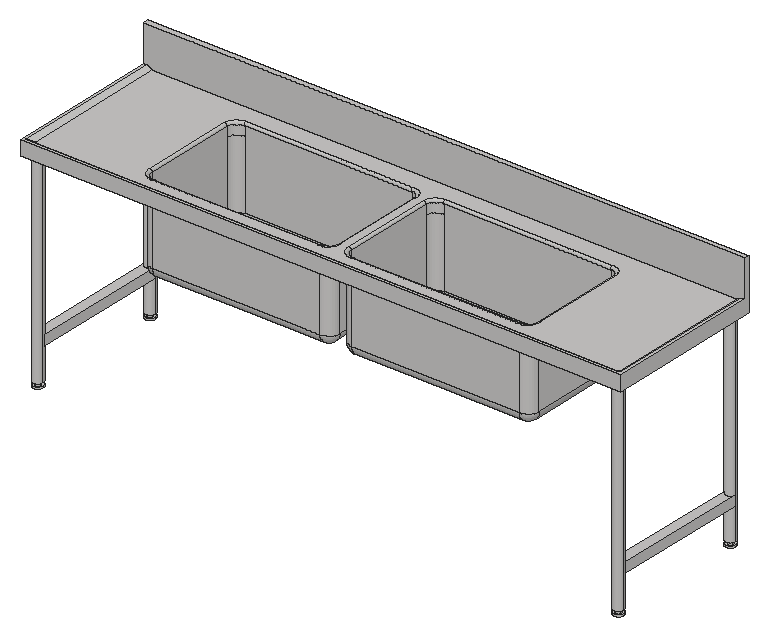
Revit family
Parameters (values of type "2440 X 650 Bowl Center")
  Depth of Bowl = 380 mm
  Width of Bowl = 460 mm
  Length of Bowl = 760 mm
  Distance of Bowl = 100 mm
  Waste Connection Radius = Waste Connection Diameter / 2  # 20 mm
  Waste Connection Diameter = 40 mm
  WFU = 0
  URL = "http://www.autospec.co.za/browse.php?id=1644179283"
  Product Code = "None"
  OmniClass Title = ""
  OmniClass Number = ""
  Modspec Classification = ""
  Specification = ""
  Location (revit room) = ""
  Material = Stainless Steel Grade 304
  Colour = none
  Bowl Posiition [instance] = if(Bowl Position End, Distance of Bowl, if(Bowl Position Center, (Length / 2 - Length of Bowl - 25 mm), Distance of Bowl))  # 435 mm
  Description = ""
  Bowl Position End = no
  Bowl Position Center = not(Bowl Position End)  # yes
  Body Finish = none
  Splashback Height = 150 mm
  Width = 650 mm
  Model = "Pot Sink Double Bowl Center Series KP2-2440 X 650"
  Manufacturer = "Kwikot"  # constant formula
  Length = 2440 mm
  Height = 1050 mm
  Assembly Code = "E1090300"
Reference planes
  plane 1 "Center (Front/Back)": y = 0
  plane 2 "Bottom": z = 0
  plane 3 "Center (Left/Right)": x = 0
  plane 4 "Left": x = -1220
  plane 5 "Right": x = 1220
  plane 6 "Front": y = -650
  plane 7 "Top": z = 1050
  plane 8: z = 900
  plane 9: z = 840
  plane 10: z = 520
  plane 11: y = -335
  plane 12: x = 145
  plane 13: x = -145
  plane 14: x = 25
  plane 15: x = -25
  plane 16: x = 785
  plane 17: x = -785
  plane 18: y = -565
  plane 19: y = -105
Forms (mm)
  Extrusion 1, solid, material "Stainless Steel Grade 304" <- "Material"
    sketch origin (-1220, -491, 4000) x (0, -1, 0) y (0, 0, 1)
      loop
        line (-491, -3160) -> (159, -3160) -> (159, -3100) -> (-471, -3100) -> (-471, -2950) -> (-491, -2950) -> (-491, -3160)
    from 0 to -2440
  Blend 2, void
    base sketch origin (-779.234, -1524, 900) x (0, -1, 0) y (1, 0, 0)
      loop
        arc (-891, -428.766) -> (-887.464, -427.302) -> (-886, -423.766) r 5
        line (-886, -423.766) -> (-886, 1982.234)
        arc (-886, 1982.234) -> (-887.464, 1985.769) -> (-891, 1987.234) r 5
        line (-891, 1987.234) -> (-1504, 1987.234) -> (-1504, -428.766) -> (-891, -428.766)
    top sketch origin (-779.234, -1524, 900) x (0, -1, 0) y (1, 0, 0)
      loop
        line (-1504, -408.766) -> (-911, -408.766)
        arc (-911, -408.766) -> (-907.464, -407.302) -> (-906, -403.766) r 5
        line (-906, -403.766) -> (-906, 1962.234)
        arc (-906, 1962.234) -> (-907.464, 1965.769) -> (-911, 1967.234) r 5
        line (-911, 1967.234) -> (-1504, 1967.234) -> (-1504, -408.766)
    from 0 to -12
  Extrusion 3, void
    sketch origin (-779.234, -1524, 840) x (0, -1, 0) y (-1, 0, 0)
      loop
        line (-1419, -844.234) -> (-1419, -1524.234)
        arc (-1419, -1524.234) -> (-1407.284, -1552.518) -> (-1379, -1564.234) r 40
        line (-1379, -1564.234) -> (-999, -1564.234)
        arc (-999, -1564.234) -> (-970.716, -1552.518) -> (-959, -1524.234) r 40
        line (-959, -1524.234) -> (-959, -844.234)
        arc (-959, -844.234) -> (-970.716, -815.949) -> (-999, -804.234) r 40
        line (-999, -804.234) -> (-1379, -804.234)
        arc (-1379, -804.234) -> (-1407.284, -815.949) -> (-1419, -844.234) r 40
      loop
        arc (-1419, -714.234) -> (-1407.284, -742.518) -> (-1379, -754.234) r 40
        line (-1379, -754.234) -> (-999, -754.234)
        arc (-999, -754.234) -> (-970.716, -742.518) -> (-959, -714.234) r 40
        line (-959, -714.234) -> (-959, -34.234)
        arc (-959, -34.234) -> (-970.716, -5.949) -> (-999, 5.766) r 40
        line (-999, 5.766) -> (-1379, 5.766)
        arc (-1379, 5.766) -> (-1407.284, -5.949) -> (-1419, -34.234) r 40
        line (-1419, -34.234) -> (-1419, -714.234)
    from 0 to -60
  Sweep 4, solid, material "Stainless Steel Grade 304" <- "Material"
    path origin (-779.234, -1524, 900) x (-1, 0, 0) y (0, -1, 0)
      loop
        line (-804.234, -1379) -> (-804.234, -999)
        arc (-804.234, -999) -> (-815.949, -970.716) -> (-844.234, -959) r 40
        line (-844.234, -959) -> (-1524.234, -959)
        arc (-1524.234, -959) -> (-1552.518, -970.716) -> (-1564.234, -999) r 40
        line (-1564.234, -999) -> (-1564.234, -1379)
        arc (-1564.234, -1379) -> (-1552.518, -1407.284) -> (-1524.234, -1419) r 40
        line (-1524.234, -1419) -> (-844.234, -1419)
        arc (-844.234, -1419) -> (-815.949, -1407.284) -> (-804.234, -1379) r 40
    profile origin (25, -335, 900) x (1, 0, 0) y (0, 0, 1)
      loop
        line (0, -12) -> (-5, -12) -> (-5, -340)
        arc (-5, -340) -> (6.716, -368.284) -> (35, -380) r 40
        line (35, -380) -> (35, -375)
        arc (35, -375) -> (10.251, -364.749) -> (0, -340) r 35
        line (0, -340) -> (0, -12)
  Sweep 5, solid, material "Stainless Steel Grade 304" <- "Material"
    path origin (-779.234, -1524, 900) x (-1, 0, 0) y (0, -1, 0)
      loop
        line (5.766, -1379) -> (5.766, -999)
        arc (5.766, -999) -> (-5.949, -970.716) -> (-34.234, -959) r 40
        line (-34.234, -959) -> (-714.234, -959)
        arc (-714.234, -959) -> (-742.518, -970.716) -> (-754.234, -999) r 40
        line (-754.234, -999) -> (-754.234, -1379)
        arc (-754.234, -1379) -> (-742.518, -1407.284) -> (-714.234, -1419) r 40
        line (-714.234, -1419) -> (-34.234, -1419)
        arc (-34.234, -1419) -> (-5.949, -1407.284) -> (5.766, -1379) r 40
    profile origin (-785, -335, 900) x (1, 0, 0) y (0, 0, 1)
      loop
        line (0, -12) -> (-5, -12) -> (-5, -340)
        arc (-5, -340) -> (6.716, -368.284) -> (35, -380) r 40
        line (35, -380) -> (35, -375)
        arc (35, -375) -> (10.251, -364.749) -> (0, -340) r 35
        line (0, -340) -> (0, -12)
  Extrusion 6, solid, material "Stainless Steel Grade 304" <- "Material"
    sketch origin (-779.234, -1524, 520) x (-1, 0, 0) y (0, -1, 0)
      loop
        arc (-29.234, -999) -> (-30.698, -995.464) -> (-34.234, -994) r 5
        line (-34.234, -994) -> (-714.234, -994)
        arc (-714.234, -994) -> (-717.769, -995.464) -> (-719.234, -999) r 5
        line (-719.234, -999) -> (-719.234, -1379)
        arc (-719.234, -1379) -> (-717.769, -1382.536) -> (-714.234, -1384) r 5
        line (-714.234, -1384) -> (-34.234, -1384)
        arc (-34.234, -1384) -> (-30.698, -1382.536) -> (-29.234, -1379) r 5
        line (-29.234, -1379) -> (-29.234, -999)
      loop
        circle (-634.234, -1189) r 26
    from 0 to 5
  Extrusion 7, solid, material "Stainless Steel Grade 304" <- "Material"
    sketch origin (-779.234, -1524, 520) x (-1, 0, 0) y (0, -1, 0)
      loop
        arc (-839.234, -999) -> (-840.698, -995.464) -> (-844.234, -994) r 5
        line (-844.234, -994) -> (-1524.234, -994)
        arc (-1524.234, -994) -> (-1527.769, -995.464) -> (-1529.234, -999) r 5
        line (-1529.234, -999) -> (-1529.234, -1379)
        arc (-1529.234, -1379) -> (-1527.769, -1382.536) -> (-1524.234, -1384) r 5
        line (-1524.234, -1384) -> (-844.234, -1384)
        arc (-844.234, -1384) -> (-840.698, -1382.536) -> (-839.234, -1379) r 5
        line (-839.234, -1379) -> (-839.234, -999)
      loop
        circle (-924.234, -1189) r 26
    from 0 to 5
  Blend 8, solid, material "Stainless Steel Grade 304"
    base sketch origin (-779.234, -1524, 520) x (-1, 0, 0) y (0, -1, 0)
      loop
        circle (-634.234, -1189) r 26
    top sketch origin (-779.234, -1524, 520) x (-1, 0, 0) y (0, -1, 0)
      loop
        circle (-634.234, -1189) r 20
    from 0 to -5
  Blend 9, solid, material "Stainless Steel Grade 304"
    base sketch origin (-779.234, -1524, 520) x (-1, 0, 0) y (0, -1, 0)
      loop
        circle (-924.234, -1189) r 26
    top sketch origin (-779.234, -1524, 520) x (-1, 0, 0) y (0, -1, 0)
      loop
        circle (-924.234, -1189) r 20
    from 0 to -5
  Sweep 10, void
    path origin (-779.234, -1524, 900) x (-1, 0, 0) y (0, -1, 0)
      loop
        line (5.766, -1379) -> (5.766, -999)
        arc (5.766, -999) -> (-5.949, -970.716) -> (-34.234, -959) r 40
        line (-34.234, -959) -> (-714.234, -959)
        arc (-714.234, -959) -> (-742.518, -970.716) -> (-754.234, -999) r 40
        line (-754.234, -999) -> (-754.234, -1379)
        arc (-754.234, -1379) -> (-742.518, -1407.284) -> (-714.234, -1419) r 40
        line (-714.234, -1419) -> (-34.234, -1419)
        arc (-34.234, -1419) -> (-5.949, -1407.284) -> (5.766, -1379) r 40
    profile origin (-785, -335, 900) x (1, 0, 0) y (0, 0, 1)
      loop
        line (0, -12) -> (-10, -12)
        arc (-10, -12) -> (-2.929, -14.929) -> (0, -22) r 10
        line (0, -22) -> (0, -12)
  Sweep 11, void
    path origin (-779.234, -1524, 900) x (-1, 0, 0) y (0, -1, 0)
      loop
        line (-804.234, -1379) -> (-804.234, -999)
        arc (-804.234, -999) -> (-815.949, -970.716) -> (-844.234, -959) r 40
        line (-844.234, -959) -> (-1524.234, -959)
        arc (-1524.234, -959) -> (-1552.518, -970.716) -> (-1564.234, -999) r 40
        line (-1564.234, -999) -> (-1564.234, -1379)
        arc (-1564.234, -1379) -> (-1552.518, -1407.284) -> (-1524.234, -1419) r 40
        line (-1524.234, -1419) -> (-844.234, -1419)
        arc (-844.234, -1419) -> (-815.949, -1407.284) -> (-804.234, -1379) r 40
    profile origin (25, -335, 900) x (1, 0, 0) y (0, 0, 1)
      loop
        line (0, -12) -> (-10, -12)
        arc (-10, -12) -> (-2.929, -14.929) -> (0, -22) r 10
        line (0, -22) -> (0, -12)
  Extrusion 12, solid, material "Stainless Steel Grade 304" <- "Material"
    sketch origin (0, 0, 0) x (1, 0, 0) y (0, 1, 0)
      loop
        circle (-1180, -610) r 21
      loop
        circle (-1180, -40) r 21
      loop
        circle (1180, -610) r 21
      loop
        circle (1180, -40) r 21
    from 0 to 5
  Extrusion 13, solid, material "Stainless Steel Grade 304" <- "Material"
    sketch origin (0, 0, 0) x (1, 0, 0) y (0, 1, 0)
      loop
        circle (1180, -610) r 10
      loop
        circle (-1180, -610) r 10
      loop
        circle (-1180, -40) r 10
      loop
        circle (1180, -40) r 10
    from 5 to 20
  Extrusion 14, solid, material "Stainless Steel Grade 304" <- "Material"
    sketch origin (-779.234, -1524, 840) x (-1, 0, 0) y (0, -1, 0)
      loop
        circle (400.766, -914) r 21
      loop
        circle (400.766, -1484) r 21
      loop
        circle (-1959.234, -1484) r 21
      loop
        circle (-1959.234, -914) r 21
    from 0 to -820
  Extrusion 15, solid, material "Stainless Steel Grade 304" <- "Material"
    sketch origin (0, 0, 0) x (1, 0, 0) y (0, 1, 0)
      loop
        line (1201, -610) -> (1201, -40)
        arc (1201, -40) -> (1180, -61) -> (1159, -40) r 21
        line (1159, -40) -> (1159, -610)
        arc (1159, -610) -> (1180, -589) -> (1201, -610) r 21
      loop
        line (-1201, -40) -> (-1201, -610)
        arc (-1201, -610) -> (-1180, -589) -> (-1159, -610) r 21
        line (-1159, -610) -> (-1159, -40)
        arc (-1159, -40) -> (-1180, -61) -> (-1201, -40) r 21
    from 150 to 190
Cuts and joins
  Blend 2, Extrusion 3, Sweep 10, Sweep 11 cuts Extrusion 1
  Sweep 10, Sweep 11 cuts Sweep 4
  Sweep 10, Sweep 11 cuts Sweep 5
  Sweep 10, Sweep 11 cuts Extrusion 6
  Sweep 10, Sweep 11 cuts Extrusion 7
  joined: Extrusion 1, Sweep 4, Sweep 5, Extrusion 6, Extrusion 7
Lines and regions (mm)
  symbolic lines
    curve 1: line (-1220, 0, 750) -> (-1220, -650, 750)
    curve 2: line (1220, 0, 750) -> (-1220, 0, 750)
    curve 3: line (1220, -650, 750) -> (1220, 0, 750)
    curve 4: line (-1220, -650, 750) -> (1220, -650, 750)
    curve 5: line (-1220, -20, 750) -> (1220, -20, 750)
    curve 6: line (-1208, -633, 1050) -> (-1208, -20, 1050)
    curve 7: arc (-1203, -638, 1050) -> (-1206.536, -636.536, 1050) -> (-1208, -633, 1050) r 5
    curve 8: line (1203, -638, 1050) -> (-1203, -638, 1050)
    curve 9: line (-1188, -20, 1050) -> (-1188, -613, 1050)
    curve 10: arc (-1188, -613, 1050) -> (-1186.536, -616.536, 1050) -> (-1183, -618, 1050) r 5
    curve 11: line (-1183, -618, 1050) -> (1183, -618, 1050)
    curve 12: arc (1183, -618, 1050) -> (1186.536, -616.536, 1050) -> (1188, -613, 1050) r 5
    curve 13: line (1188, -613, 1050) -> (1188, -20, 1050)
    curve 14: arc (1208, -633, 1050) -> (1206.536, -636.536, 1050) -> (1203, -638, 1050) r 5
    curve 15: line (1208, -20, 1050) -> (1208, -633, 1050)
    curve 16: line (745, -565, 1050) -> (65, -565, 1050)
    curve 17: arc (65, -565, 1050) -> (36.716, -553.284, 1050) -> (25, -525, 1050) r 40
    curve 18: line (25, -525, 1050) -> (25, -145, 1050)
    curve 19: arc (25, -145, 1050) -> (36.716, -116.716, 1050) -> (65, -105, 1050) r 40
    curve 20: line (65, -105, 1050) -> (745, -105, 1050)
    curve 21: arc (745, -105, 1050) -> (773.284, -116.716, 1050) -> (785, -145, 1050) r 40
    curve 22: line (785, -145, 1050) -> (785, -525, 1050)
    curve 23: arc (785, -525, 1050) -> (773.284, -553.284, 1050) -> (745, -565, 1050) r 40
    curve 24: line (-785, -145, 1050) -> (-785, -525, 1050)
    curve 25: arc (-785, -145, 1050) -> (-773.284, -116.716, 1050) -> (-745, -105, 1050) r 40
    curve 26: line (-65, -105, 1050) -> (-745, -105, 1050)
    curve 27: arc (-65, -105, 1050) -> (-36.716, -116.716, 1050) -> (-25, -145, 1050) r 40
    curve 28: line (-25, -525, 1050) -> (-25, -145, 1050)
    curve 31: arc (-25, -525, 1050) -> (-36.716, -553.284, 1050) -> (-65, -565, 1050) r 40
    curve 32: line (-745, -565, 1050) -> (-65, -565, 1050)
    curve 33: arc (-745, -565, 1050) -> (-773.284, -553.284, 1050) -> (-785, -525, 1050) r 40
  symbolic lines, detail levels fine
    curve 29: arc (-171, -335, 1050) -> (-145, -309, 1050) -> (-119, -335, 1050) r 26
    curve 30: arc (-119, -335, 1050) -> (-145, -361, 1050) -> (-171, -335, 1050) r 26
    curve 34: arc (171, -335, 1050) -> (145, -361, 1050) -> (119, -335, 1050) r 26
    curve 35: arc (119, -335, 1050) -> (145, -309, 1050) -> (171, -335, 1050) r 26
Dimensions and locks
  equal spacing: plane 4 "Left", plane 3 "Center (Left/Right)", plane 5 "Right"
  "Length": plane 4 "Left" to plane 5 "Right"
  "Width": plane 1 "Center (Front/Back)" to plane 6 "Front"
  "Height": plane 7 "Top" to level
  "Splashback Height": plane 7 "Top" to plane 8
  Blend 2 sketch curve to plane 6 "Front" = 12 mm
  plane 11 to plane 1 "Center (Front/Back)" = 335 mm
  Blend 2 sketch curve to var sketch = 20 mm  (x2)
  var sketch to Blend 2 sketch curve = 20 mm
  "Depth of Bowl": plane 8 to plane 10
  "Length of Bowl": plane 14 to plane 16
  "Length of Bowl": plane 17 to plane 15
  "Width of Bowl": plane 19 to plane 18
  plane 18 to plane 6 "Front" = 85 mm
  locked: plane 14 to plane 12 at 120
  locked: plane 13 to plane 15 at 120
  plane 8 to plane 9 = 60 mm
  plane 4 "Left" to Extrusion 12 sketch curve = 40 mm  (x2)
  Extrusion 12 sketch curve to plane 6 "Front" = 40 mm  (x2)
  Extrusion 12 sketch curve to plane 1 "Center (Front/Back)" = 40 mm  (x2)
  Extrusion 12 sketch curve to plane 5 "Right" = 40 mm  (x2)
  Extrusion 13 sketch curve to plane 5 "Right" = 40 mm  (x2)
  Extrusion 13 sketch curve to plane 1 "Center (Front/Back)" = 40 mm  (x2)
  plane 4 "Left" to Extrusion 13 sketch curve = 40 mm  (x2)
  Extrusion 13 sketch curve to plane 6 "Front" = 40 mm  (x2)
  Extrusion 15 to plane 2 "Bottom" = 150 mm
  "Bowl Posiition": plane 16 to plane 5 "Right"
  plane 15 to plane 14 = 50 mm
  radius of Extrusion 3 sketch curve = 40 mm  (x8)
  radius of Extrusion 7 sketch curve = 26 mm
  "Waste Connection Radius": radius of Blend 8 sketch curve
  "Waste Connection Radius": radius of Blend 9 sketch curve
  radius of Extrusion 12 sketch curve = 21 mm  (x4)
  radius of Extrusion 13 sketch curve = 10 mm  (x4)
  aligned and locked: level to plane 2 "Bottom"
  aligned and locked: Extrusion 1 sketch curve to plane 9
  aligned and locked: Extrusion 1 sketch curve to plane 1 "Center (Front/Back)"
  aligned and locked: plane 8 to Extrusion 1 sketch curve
  aligned and locked: Extrusion 1 sketch curve to plane 6 "Front"
  aligned and locked: plane 7 "Top" to Extrusion 1 sketch curve
  aligned and locked: plane 4 "Left" to Extrusion 1
  aligned and locked: Extrusion 1 to plane 5 "Right"
  aligned and locked: var sketch to Blend 2 sketch curve
  aligned and locked: plane 8 to Extrusion 3
  aligned and locked: Extrusion 3 to plane 9
  aligned and locked: Sweep 4 sketch curve to cut or joined group of Extrusion 1, Blend 2, Extrusion 3, Sweep 4, Sweep 5, Extrusion 6, Extrusion 7, Sweep 10, Sweep 11  (x6)
  aligned and locked: curve 7 to cut or joined group of Extrusion 1, Blend 2, Extrusion 3, Sweep 4, Sweep 5, Extrusion 6, Extrusion 7, Sweep 10, Sweep 11
  aligned and locked: curve 9 to cut or joined group of Extrusion 1, Blend 2, Extrusion 3, Sweep 4, Sweep 5, Extrusion 6, Extrusion 7, Sweep 10, Sweep 11
  aligned and locked: curve 10 to cut or joined group of Extrusion 1, Blend 2, Extrusion 3, Sweep 4, Sweep 5, Extrusion 6, Extrusion 7, Sweep 10, Sweep 11
  aligned and locked: curve 12 to cut or joined group of Extrusion 1, Blend 2, Extrusion 3, Sweep 4, Sweep 5, Extrusion 6, Extrusion 7, Sweep 10, Sweep 11
  aligned and locked: curve 14 to cut or joined group of Extrusion 1, Blend 2, Extrusion 3, Sweep 4, Sweep 5, Extrusion 6, Extrusion 7, Sweep 10, Sweep 11
  aligned and locked: curve 15 to cut or joined group of Extrusion 1, Blend 2, Extrusion 3, Sweep 4, Sweep 5, Extrusion 6, Extrusion 7, Sweep 10, Sweep 11
  aligned and locked: curve 17 to cut or joined group of Extrusion 1, Blend 2, Extrusion 3, Sweep 4, Sweep 5, Extrusion 6, Extrusion 7, Sweep 10, Sweep 11
  aligned and locked: curve 19 to cut or joined group of Extrusion 1, Blend 2, Extrusion 3, Sweep 4, Sweep 5, Extrusion 6, Extrusion 7, Sweep 10, Sweep 11
  aligned and locked: curve 21 to cut or joined group of Extrusion 1, Blend 2, Extrusion 3, Sweep 4, Sweep 5, Extrusion 6, Extrusion 7, Sweep 10, Sweep 11
  aligned and locked: curve 23 to cut or joined group of Extrusion 1, Blend 2, Extrusion 3, Sweep 4, Sweep 5, Extrusion 6, Extrusion 7, Sweep 10, Sweep 11
  aligned and locked: Sweep 5 sketch curve to cut or joined group of Extrusion 1, Blend 2, Extrusion 3, Sweep 4, Sweep 5, Extrusion 6, Extrusion 7, Sweep 10, Sweep 11  (x6)
  aligned and locked: Extrusion 6 sketch curve to cut or joined group of Extrusion 1, Blend 2, Extrusion 3, Sweep 4, Sweep 5, Extrusion 6, Extrusion 7, Sweep 10, Sweep 11  (x4)
  aligned and locked: plane 11 to Extrusion 6 sketch curve
  aligned and locked: plane 13 to Extrusion 6 sketch curve
  aligned and locked: Extrusion 7 sketch curve to cut or joined group of Extrusion 1, Blend 2, Extrusion 3, Sweep 4, Sweep 5, Extrusion 6, Extrusion 7, Sweep 10, Sweep 11  (x4)
  aligned and locked: plane 11 to Extrusion 7 sketch curve
  aligned and locked: plane 12 to Extrusion 7 sketch curve
  aligned and locked: curve 25 to cut or joined group of Extrusion 1, Blend 2, Extrusion 3, Sweep 4, Sweep 5, Extrusion 6, Extrusion 7, Sweep 10, Sweep 11
  aligned and locked: curve 27 to cut or joined group of Extrusion 1, Blend 2, Extrusion 3, Sweep 4, Sweep 5, Extrusion 6, Extrusion 7, Sweep 10, Sweep 11
  aligned and locked: curve 29 to cut or joined group of Extrusion 1, Blend 2, Extrusion 3, Sweep 4, Sweep 5, Extrusion 6, Extrusion 7, Sweep 10, Sweep 11
  aligned and locked: curve 30 to cut or joined group of Extrusion 1, Blend 2, Extrusion 3, Sweep 4, Sweep 5, Extrusion 6, Extrusion 7, Sweep 10, Sweep 11
  aligned and locked: curve 31 to cut or joined group of Extrusion 1, Blend 2, Extrusion 3, Sweep 4, Sweep 5, Extrusion 6, Extrusion 7, Sweep 10, Sweep 11
  aligned and locked: curve 33 to cut or joined group of Extrusion 1, Blend 2, Extrusion 3, Sweep 4, Sweep 5, Extrusion 6, Extrusion 7, Sweep 10, Sweep 11
  aligned and locked: curve 34 to cut or joined group of Extrusion 1, Blend 2, Extrusion 3, Sweep 4, Sweep 5, Extrusion 6, Extrusion 7, Sweep 10, Sweep 11
  aligned and locked: curve 35 to cut or joined group of Extrusion 1, Blend 2, Extrusion 3, Sweep 4, Sweep 5, Extrusion 6, Extrusion 7, Sweep 10, Sweep 11
  aligned and locked: Blend 8 sketch curve to cut or joined group of Extrusion 1, Blend 2, Extrusion 3, Sweep 4, Sweep 5, Extrusion 6, Extrusion 7, Sweep 10, Sweep 11  (x2)
  aligned and locked: plane 11 to Blend 8 sketch curve
  aligned and locked: plane 13 to Blend 8 sketch curve
  aligned and locked: Blend 9 sketch curve to cut or joined group of Extrusion 1, Blend 2, Extrusion 3, Sweep 4, Sweep 5, Extrusion 6, Extrusion 7, Sweep 10, Sweep 11  (x2)
  aligned and locked: plane 11 to Blend 9 sketch curve
  aligned and locked: plane 12 to Blend 9 sketch curve
  aligned and locked: plane 10 to Sweep 5 sketch curve
  aligned and locked: plane 10 to Sweep 4 sketch curve
  aligned and locked: plane 17 to Extrusion 3 sketch curve
  aligned and locked: plane 19 to Extrusion 3 sketch curve
  aligned and locked: Extrusion 3 sketch curve to plane 19
  aligned and locked: plane 18 to Extrusion 3 sketch curve
  aligned and locked: Extrusion 3 sketch curve to plane 18
  aligned and locked: plane 16 to Extrusion 3 sketch curve
  aligned and locked: plane 15 to Extrusion 3 sketch curve
  aligned and locked: plane 14 to Extrusion 3 sketch curve
  aligned and locked: Sweep 10 sketch curve to cut or joined group of Extrusion 1, Blend 2, Extrusion 3, Sweep 4, Sweep 5, Extrusion 6, Extrusion 7, Sweep 10, Sweep 11  (x4)
  aligned and locked: profile plane to Sweep 10 sketch curve
  aligned and locked: cut or joined group of Extrusion 1, Blend 2, Extrusion 3, Sweep 4, Sweep 5, Extrusion 6, Extrusion 7, Sweep 10, Sweep 11 to Sweep 10 sketch curve
  aligned and locked: Sweep 11 sketch curve to cut or joined group of Extrusion 1, Blend 2, Extrusion 3, Sweep 4, Sweep 5, Extrusion 6, Extrusion 7, Sweep 10, Sweep 11  (x4)
  aligned and locked: profile plane to Sweep 11 sketch curve
  aligned and locked: cut or joined group of Extrusion 1, Blend 2, Extrusion 3, Sweep 4, Sweep 5, Extrusion 6, Extrusion 7, Sweep 10, Sweep 11 to Sweep 11 sketch curve
  aligned and locked: Extrusion 12 to plane 2 "Bottom"
  aligned and locked: Extrusion 13 to Extrusion 12
  aligned and locked: Extrusion 14 sketch curve to Extrusion 12  (x8)
  aligned and locked: plane 9 to Extrusion 14
  aligned and locked: Extrusion 14 to Extrusion 13
  aligned and locked: Extrusion 15 sketch curve to Extrusion 14  (x4)
Automatic sketch dimensions
  plane 1 "Center (Front/Back)" to Extrusion 1 sketch curve = 20 mm
  Blend 2 sketch curve to Blend 2 sketch curve = 5 mm  (x4)
  plane 1 "Center (Front/Back)" to Blend 2 sketch curve = 20 mm
  Blend 2 sketch curve to plane 4 "Left" = 12 mm
  plane 5 "Right" to Blend 2 sketch curve = 17 mm
  plane 1 "Center (Front/Back)" to curve 3 = 0 mm
  curve 3 to plane 5 "Right" = 0 mm
  curve 4 to plane 4 "Left" = 0 mm
  curve 4 to plane 6 "Front" = 0 mm
  curve 1 to curve 5 = 20 mm
  plane 1 "Center (Front/Back)" to curve 15 = 20 mm
  plane 1 "Center (Front/Back)" to curve 9 = 20 mm
  plane 1 "Center (Front/Back)" to curve 13 = 20 mm
  curve 6 to curve 9 = 0 mm
  Sweep 5 sketch curve to Sweep 5 sketch curve = 0 mm
  profile plane to Sweep 5 sketch curve = 5 mm
  Sweep 5 sketch curve to profile plane = 35 mm
  Sweep 4 sketch curve to Sweep 4 sketch curve = 0 mm
  profile plane to Sweep 4 sketch curve = 5 mm
  Sweep 4 sketch curve to Sweep 4 sketch curve = 35 mm
  profile plane to Sweep 10 sketch curve = 10 mm
  Sweep 10 sketch curve to Sweep 10 sketch curve = 10 mm  (x2)
  Sweep 10 sketch curve to Sweep 10 sketch curve = 0 mm
  profile plane to Sweep 10 sketch curve = 0 mm
  profile plane to Sweep 11 sketch curve = 10 mm
  Sweep 11 sketch curve to Sweep 11 sketch curve = 0 mm  (x2)
  Sweep 11 sketch curve to Sweep 11 sketch curve = 10 mm
  profile plane to Sweep 11 sketch curve = 0 mm
  Extrusion 15 sketch curve to Extrusion 15 sketch curve = 0 mm
  radius of Extrusion 6 sketch curve = 26 mm
Connectors
  piping at (-145, -335, 515), driven by "Waste Connection Radius", driven by "WFU"
    settings: on Blend 8, index 1, connector radius 20 mm, flow factor 0, pipe flow 0.0 L/s, pressure drop 0.0 Pa, fitting loss kfactor 0, connector angle 0.00°, fixture units 0, flow configuration 3, flow direction 2, fitting loss method 0, system type 16, connector reference index -1, connector utility 0, adjustable connector no, is connector primary yes, fitting loss table "", connector description "Waste Connection"
  piping at (145, -335, 515), driven by "Waste Connection Radius", driven by "WFU"
    settings: on Blend 9, index 2, connector radius 20 mm, flow factor 0, pipe flow 0.0 L/s, pressure drop 0.0 Pa, fitting loss kfactor 0, connector angle 0.00°, fixture units 0, flow configuration 3, flow direction 2, fitting loss method 0, system type 16, connector reference index -1, connector utility 0, adjustable connector no, is connector primary no, fitting loss table "", connector description "Waste Connection"
